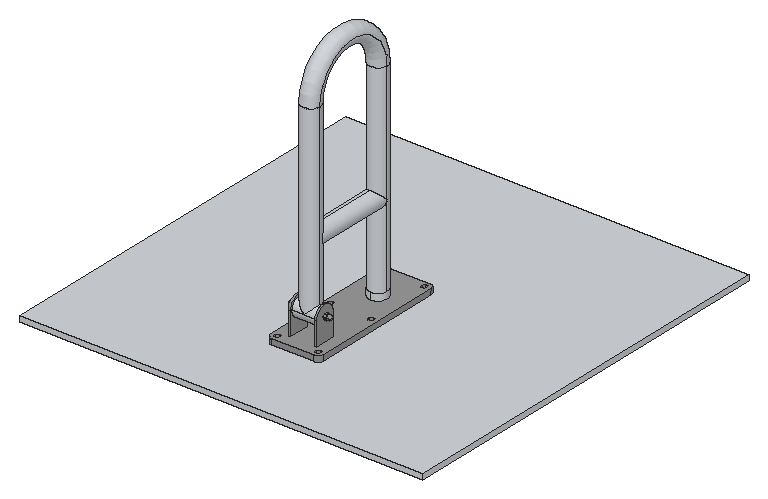
Revit family "58-BARRA DE SEGURIDAD PLEGABLE", category Equipos especializados, Revit 2018
Family settings
  Anfitrión = Cara
  Cota de conector redondo = Diámetro de uso
  Tipo de pieza = Normal
  Número OmniClass = 23.45.00.00
  Título OmniClass = Sanitary, Laundry, and Cleaning Equipment
  Corte con vacíos al cargar = No
  Compartido = No
  Punto de cálculo de habitación = No
Parameters
  Vida útil unidad = ""
  Vida útil = ""
  URL = ""
  Tráfico = "Institucional Residencial"
  Tipo de Activo = "Fijo"
  Tamaño = "571,2 x 100 x 276"
  Responsable Garantías Partes = "www.corona.com.co"
  Requerimientos Accesibilidad = "Manual"
  Presión mínima = ""
  Presión Máxima = ""
  Número Modelo = "706590001"
  Nombre del Fabricante = "Corona"
  Nombre = "Barra plegable"
  Model = ""
  Material de Fabricación = "Acero Inoxidable"
  Material Acabado = Acero Inoxidable Corona
  Logitud Nominal = 571.2
  Forma = "Rectangular"
  Fabricante = "www.corona.com.co"
  Default Elevation = 0 mm
  Duración Garantía Unidad = "Año"
  Duración Garantía Partes = "1"
  Diámetro de conexión entrada = ""
  Descripción de la garantía = "Garantía de 1 año, garantía de 3 años en acabados."
  Descripción IFC = "Barra plegable Barra de seguridad plegable en U"
  Descripción = "Fixed Furnishing"
  Código de montaje = "E2010"
  Cumplimiento de Norma = "Soporta una carga hasta de 150 kilogramos"
  Consumo de agua = ""
  Color = "Satinado"
  Caudal = ""
  Características = "Mayor durabilidad y excelentes propiedades mecánicas, fácil instalación, gran seguridad Resistente a la corrosión, diseño ecualizable optimiza el espacio"
  Ancho Nominal = 100
  Altura Nominal = 276
  Acabado = "Mate"
Reference planes
  plane 1 "Center (Front/Back)": y = 0
  plane 2: z = 0
  plane 3 "Center (Left/Right)": x = 0
  plane 4: y = 118
  plane 5: x = -30
  plane 6: x = 0
  plane 7: x = 30
  plane 8: y = 0
  plane 9: y = -118
  plane 10: y = -78
  plane 11: y = -113
  plane 12: x = 50
  plane 13: x = -50
Forms (mm)
  Extrusion 1, solid
    sketch origin (0, 0, 0) x (1, 0, 0) y (0, 1, 0)
      loop
        line (-385.853, 470) -> (-385.853, -304.449) -> (380.791, -304.449) -> (380.791, 470) -> (-385.853, 470)
    from 0 to -9.713
  Extrusion 2, solid, material "Acero Inoxidable Corona", detail levels medium+fine
    sketch origin (0, 0, 98.939) x (-1, 0, 0) y (0, -1, 0)
      loop
        arc (40, -138) -> (47.071, -135.071) -> (50, -128) r 10
        line (50, -128) -> (50, 128)
        arc (50, 128) -> (47.071, 135.071) -> (40, 138) r 10
        line (40, 138) -> (-40, 138)
        arc (-40, 138) -> (-47.071, 135.071) -> (-50, 128) r 10
        line (-50, 128) -> (-50, -128)
        arc (-50, -128) -> (-47.071, -135.071) -> (-40, -138) r 10
        line (-40, -138) -> (40, -138)
      loop
        circle (38.974, -126.902) r 5
      loop
        circle (-38.974, -126.902) r 5
      loop
        circle (38.974, 126.902) r 5
      loop
        circle (-38.974, 126.902) r 5
      loop
        circle (38.974, 0) r 5
      loop
        circle (-38.974, 0) r 5
    from -98.939 to -88.939
  Extrusion 3, solid, material "Acero Inoxidable Corona", detail levels medium+fine
    sketch origin (-25, 0, 0) x (0, 1, 0) y (0, 0, 1)
      loop
        arc (-76.5, 54) -> (-95.5, 73) -> (-114.5, 54) r 19
        line (-114.5, 54) -> (-114.5, 10) -> (-76.5, 10) -> (-76.5, 54)
      loop
        circle (-95.5, 54) r 5
    from -2.05 to 2.066
  Extrusion 4, solid, material "Acero Inoxidable Corona", detail levels medium+fine
    sketch origin (25, 0, 0) x (0, 1, 0) y (0, 0, -1)
      loop
        line (-76.5, -54) -> (-76.5, -10) -> (-114.5, -10) -> (-114.5, -54)
        arc (-114.5, -54) -> (-95.5, -73) -> (-76.5, -54) r 19
      loop
        circle (-95.5, -54) r 5
    from -2.05 to 2.066
  Revolve 5, solid, detail levels medium+fine
    sketch origin (0, 0, 54) x (0, 1, 0) y (-1, 0, 0)
      loop
        line (-78, 22.934) -> (-95.5, 22.934) -> (-95.5, -22.934) -> (-78, -22.934) -> (-78, 22.934)
      axis (-95.5, 22.934) -> (-95.5, -22.934)
    angle from 0 to 360
  Sweep 6, solid, detail levels medium+fine
    path origin (0, 0, 0) x (0, 1, 0) y (0, 0, 1)
      loop
        line (-95.5, 54) -> (-95.5, 407.525)
        arc (-95.5, 407.525) -> (-15.5, 487.525) -> (64.5, 407.525) r 80
        line (64.5, 407.525) -> (64.5, 22.525)
    profile origin (0, -95.5, 230.762) x (0, -1, 0) y (1, 0, 0)
      loop
        circle (0, 0) r 17.381
  Revolve 7, solid, detail levels medium+fine
    sketch origin (0, 0, 0) x (0, 1, 0) y (0, 0, 1)
      loop
        line (64.5, 196) -> (-95.5, 196) -> (-95.5, 178.5) -> (64.5, 178.5) -> (64.5, 196)
      axis (64.5, 178.5) -> (-95.5, 178.5)
    angle from 0 to 360
  Revolve 8, solid, material "Acero Inoxidable Corona", detail levels medium+fine
    sketch origin (0, 0, 54) x (0, 1, 0) y (-1, 0, 0)
      loop
        spline (-91.141, 32.851) -> (-91.175, 34.021) -> (-91.269, 35.089) -> (-91.423, 36.055) -> (-91.636, 36.92) -> (-91.91, 37.683) -> (-92.243, 38.344) -> (-92.636, 38.904) -> (-93.089, 39.362) -> (-93.602, 39.718) -> (-94.175, 39.972) -> (-94.808, 40.125) -> (-95.5, 40.175)
        line (-95.5, 40.175) -> (-95.5, 27.05) -> (-91.141, 27.05) -> (-91.141, 32.851)
      axis (-95.5, 40.175) -> (-95.5, 27.05)
    angle from 0 to 360
  Extrusion 9, solid, material "Acero Inoxidable Corona", detail levels medium
    sketch origin (-27.05, 0, 0) x (0, 1, 0) y (0, 0, 1)
      loop
        line (-98.327, 49.104) -> (-92.673, 49.104) -> (-89.847, 54) -> (-92.673, 58.896) -> (-98.327, 58.896) -> (-101.153, 54) -> (-98.327, 49.104)
    from 0 to -5.801
  Extrusion 10, solid, material "Acero Inoxidable Corona", detail levels medium+fine
    sketch origin (27.05, 0, 0) x (0, 1, 0) y (0, 0, -1)
      loop
        line (-98.327, -49.104) -> (-101.153, -54) -> (-98.327, -58.896) -> (-92.673, -58.896) -> (-89.847, -54) -> (-92.673, -49.104) -> (-98.327, -49.104)
    from 0 to -5.801
  Revolve 11, solid, material "Acero Inoxidable Corona", detail levels medium+fine
    sketch origin (0, 0, 54) x (0, 1, 0) y (1, 0, 0)
      loop
        spline (-91.141, 32.851) -> (-91.175, 34.021) -> (-91.269, 35.089) -> (-91.423, 36.055) -> (-91.636, 36.92) -> (-91.91, 37.683) -> (-92.243, 38.344) -> (-92.636, 38.904) -> (-93.089, 39.362) -> (-93.602, 39.718) -> (-94.175, 39.972) -> (-94.808, 40.125) -> (-95.5, 40.175)
        line (-95.5, 40.175) -> (-95.5, 27.05) -> (-91.141, 27.05) -> (-91.141, 32.851)
      axis (-95.5, 40.175) -> (-95.5, 27.05)
    angle from 0 to 360
  Revolve 12, solid, detail levels medium+fine
    sketch origin (0, 0, 0) x (0, 1, 0) y (0, 0, 1)
      loop
        line (64.5, 22.525) -> (47.126, 22.525) -> (47.126, 10) -> (64.5, 10) -> (64.5, 22.525)
      axis (64.5, 22.525) -> (64.5, 10)
    angle from 0 to 360
  Extrusion 13, solid, material "Vidrio", detail levels coarse
    sketch origin (0, 0, 0) x (0, 1, 0) y (0, 0, 1)
      loop
        line (138, 504.979) -> (-138, 504.979) -> (-138, 0) -> (138, 0) -> (138, 504.979)
    from -50 to 50
Lines and regions (mm)
  symbolic lines, detail levels medium+fine
    curve 1: line (0, 138, 10) -> (0, -138, 10)
    curve 2: line (0, -114.5, 54) -> (0, -114.5, 10)
    curve 3: arc (0, -76.5, 54) -> (0, -95.5, 73) -> (0, -114.5, 54) r 19
    curve 4: line (0, -76.5, 10) -> (0, -76.5, 54)
    curve 5: line (0, -92.673, 49.104) -> (0, -89.847, 54)
    curve 6: line (0, -98.327, 49.104) -> (0, -92.673, 49.104)
    curve 7: line (0, -101.153, 54) -> (0, -98.327, 49.104)
    curve 8: line (0, -98.327, 58.896) -> (0, -101.153, 54)
    curve 9: line (0, -92.673, 58.896) -> (0, -98.327, 58.896)
    curve 10: line (0, -89.847, 54) -> (0, -92.673, 58.896)
    curve 11: arc (0, -91.141, 54) -> (0, -95.5, 49.641) -> (0, -99.859, 54) r 4.359
    curve 12: arc (0, -99.859, 54) -> (0, -95.5, 58.359) -> (0, -91.141, 54) r 4.359
    curve 13: line (0, -112.881, 61.675) -> (0, -112.881, 410.105)
    curve 14: arc (0, -112.881, 410.105) -> (0, -85.093, 477.191) -> (0, -18.006, 504.979) r 94.874
    curve 15: arc (0, -18.006, 504.979) -> (0, 51.842, 476.591) -> (0, 82.082, 407.525) r 100.124
    curve 16: line (0, 81.874, 10) -> (0, 81.874, 407.807)
    curve 17: line (0, 47.126, 10) -> (0, 47.126, 161)
    curve 18: arc (0, 47.126, 161) -> (0, 64.626, 178.5) -> (0, 47.126, 196) r 17.5
    curve 19: line (0, 47.126, 196) -> (0, 47.126, 407.525)
    curve 20: arc (0, 47.126, 407.525) -> (0, -15.374, 470.025) -> (0, -77.874, 407.525) r 62.5
    curve 21: line (0, -77.874, 407.525) -> (0, -77.874, 196.115)
    curve 22: arc (0, -77.874, 196.115) -> (0, -95.374, 178.615) -> (0, -77.874, 161.115) r 17.5
    curve 23: line (0, -77.874, 161.115) -> (0, -77.874, 61.093)
    curve 24: line (0, 81.874, 22.525) -> (0, 47.126, 22.525)
    curve 25: line (0, 138, 10) -> (0, 138, 0)
    curve 26: line (0, -138, 10) -> (0, -138, 0)
    curve 31: line (-50, 0, 10) -> (50, 0, 10)
    curve 32: line (-50, 0, 0) -> (-50, 0, 10)
    curve 33: line (50, 0, 0) -> (-50, 0, 0)
    curve 34: line (50, 0, 10) -> (50, 0, 0)
    curve 35: line (-27.05, 0, 73) -> (-22.934, 0, 73)
    curve 36: line (-27.05, 0, 10) -> (-27.05, 0, 73)
    curve 37: line (-22.934, 0, 73) -> (-22.934, 0, 10)
    curve 38: line (22.934, 0, 73) -> (27.05, 0, 73)
    curve 39: line (22.934, 0, 10) -> (22.934, 0, 73)
    curve 40: line (27.05, 0, 73) -> (27.05, 0, 10)
    curve 41: line (22.934, 0, 71.46) -> (-22.934, 0, 71.46)
    curve 42: line (-22.934, 0, 36.711) -> (22.934, 0, 36.711)
    curve 43: line (-27.05, 0, 58.896) -> (-32.851, 0, 58.896)
    curve 44: line (-32.851, 0, 54) -> (-27.05, 0, 54)
    curve 45: line (-32.851, 0, 49.104) -> (-27.05, 0, 49.104)
    curve 46: line (-32.851, 0, 58.896) -> (-32.851, 0, 49.104)
    curve 47: line (-32.851, 0, 58.254) -> (-40.028, 0, 54.21)
    curve 48: line (-40.028, 0, 54.21) -> (-32.851, 0, 49.821)
    curve 49: line (32.851, 0, 58.896) -> (27.05, 0, 58.896)
    curve 50: line (27.05, 0, 54) -> (32.851, 0, 54)
    curve 51: line (27.05, 0, 49.104) -> (32.851, 0, 49.104)
    curve 52: line (32.851, 0, 49.104) -> (32.851, 0, 58.896)
    curve 53: line (32.851, 0, 58.307) -> (40.053, 0, 54.266)
    curve 54: line (40.053, 0, 54.266) -> (32.851, 0, 49.702)
    curve 55: line (17.381, 0, 54) -> (-17.619, 0, 54)
    curve 56: line (17.381, 0, 54) -> (17.381, 0, 487.206)
    curve 57: arc (17.381, 0, 487.206) -> (-0.119, 0, 504.706) -> (-17.619, 0, 487.206) r 17.5
    curve 58: line (-17.619, 0, 487.206) -> (-17.619, 0, 54)
    curve 63: line (-40, -138, 54) -> (40, -138, 54)
    curve 64: arc (40, -138, 54) -> (47.071, -135.071, 54) -> (50, -128, 54) r 10
    curve 65: line (50, -128, 54) -> (50, 128, 54)
    curve 66: arc (50, 128, 54) -> (47.071, 135.071, 54) -> (40, 138, 54) r 10
    curve 67: line (40, 138, 54) -> (-40, 138, 54)
    curve 68: arc (-40, 138, 54) -> (-47.071, 135.071, 54) -> (-50, 128, 54) r 10
    curve 69: line (-50, 128, 54) -> (-50, -128, 54)
    curve 70: arc (-50, -128, 54) -> (-47.071, -135.071, 54) -> (-40, -138, 54) r 10
    curve 71: arc (-33.974, -126.902, 54) -> (-38.974, -131.902, 54) -> (-43.974, -126.902, 54) r 5
    curve 72: arc (-43.974, -126.902, 54) -> (-38.974, -121.902, 54) -> (-33.974, -126.902, 54) r 5
    curve 73: arc (43.974, -126.902, 54) -> (38.974, -131.902, 54) -> (33.974, -126.902, 54) r 5
    curve 74: arc (33.974, -126.902, 54) -> (38.974, -121.902, 54) -> (43.974, -126.902, 54) r 5
    curve 75: arc (43.974, 0, 54) -> (38.974, -5, 54) -> (33.974, 0, 54) r 5
    curve 76: arc (33.974, 0, 54) -> (38.974, 5, 54) -> (43.974, 0, 54) r 5
    curve 77: arc (43.974, 126.902, 54) -> (38.974, 121.902, 54) -> (33.974, 126.902, 54) r 5
    curve 78: arc (33.974, 126.902, 54) -> (38.974, 131.902, 54) -> (43.974, 126.902, 54) r 5
    curve 79: arc (-33.974, 126.902, 54) -> (-38.974, 121.902, 54) -> (-43.974, 126.902, 54) r 5
    curve 80: arc (-43.974, 126.902, 54) -> (-38.974, 131.902, 54) -> (-33.974, 126.902, 54) r 5
    curve 81: arc (-33.974, 0, 54) -> (-38.974, -5, 54) -> (-43.974, 0, 54) r 5
    curve 82: arc (-43.974, 0, 54) -> (-38.974, 5, 54) -> (-33.974, 0, 54) r 5
    curve 83: line (-32.851, -101.153, 54) -> (-27.05, -101.153, 54)
    curve 84: line (-32.851, -98.327, 54) -> (-27.05, -98.327, 54)
    curve 85: line (-32.851, -92.673, 54) -> (-27.05, -92.673, 54)
    curve 86: line (-32.851, -89.847, 54) -> (-27.05, -89.847, 54)
    curve 87: line (-32.851, -89.847, 54) -> (-32.851, -101.153, 54)
    curve 88: line (-27.05, -76.5, 54) -> (-27.05, -114.5, 54)
    curve 89: line (-27.05, -114.5, 54) -> (-22.934, -114.5, 54)
    curve 90: line (-22.934, -114.5, 54) -> (-22.934, -76.5, 54)
    curve 91: line (-22.934, -76.5, 54) -> (-27.05, -76.5, 54)
    curve 92: line (22.934, -114.5, 54) -> (27.05, -114.5, 54)
    curve 93: line (27.05, -114.5, 54) -> (27.05, -76.5, 54)
    curve 94: line (22.934, -76.5, 54) -> (22.934, -114.5, 54)
    curve 95: line (27.05, -76.5, 54) -> (22.934, -76.5, 54)
    curve 96: line (27.05, -89.847, 54) -> (32.851, -89.847, 54)
    curve 97: line (27.05, -92.673, 54) -> (32.851, -92.673, 54)
    curve 98: line (27.05, -98.327, 54) -> (32.851, -98.327, 54)
    curve 99: line (27.05, -101.153, 54) -> (32.851, -101.153, 54)
    curve 100: line (32.851, -101.153, 54) -> (32.851, -89.847, 54)
    curve 101: line (32.851, -91.072, 54) -> (40.144, -95.578, 54)
    curve 102: line (40.144, -95.578, 54) -> (32.851, -99.808, 54)
    curve 103: line (-32.851, -91.129, 54) -> (-40.231, -95.464, 54)
    curve 104: line (-40.231, -95.464, 54) -> (-32.851, -99.694, 54)
    curve 105: arc (-17.381, -95.5, 54) -> (0, -112.881, 54) -> (17.381, -95.5, 54) r 17.381
    curve 106: line (17.381, -95.5, 54) -> (17.381, 64.5, 54)
    curve 107: arc (17.381, 64.5, 54) -> (-0.06, 81.94, 54) -> (-17.5, 64.5, 54) r 17.44
    curve 108: line (-17.5, 64.5, 54) -> (-17.5, -95.5, 54)
    curve 113: line (-22.934, -112.944, 54) -> (22.934, -112.944, 54)
    curve 114: line (-22.934, -77.972, 54) -> (-17.5, -77.972, 54)
    curve 115: line (17.381, -77.958, 54) -> (22.934, -77.958, 54)
    curve 117: line (0, 47.126, 161) -> (0, -77.874, 161)
  symbolic lines, detail levels coarse
    curve 27: line (0, 138, 504.979) -> (0, -138, 504.979)
    curve 28: line (0, 138, 0) -> (0, 138, 504.979)
    curve 29: line (0, -138, 0) -> (0, 138, 0)
    curve 30: line (0, -138, 504.979) -> (0, -138, 0)
    curve 59: line (-50, 0, 504.706) -> (50, 0, 504.706)
    curve 60: line (-50, 0, 0) -> (-50, 0, 504.706)
    curve 61: line (50, 0, 0) -> (-50, 0, 0)
    curve 62: line (50, 0, 504.706) -> (50, 0, 0)
    curve 109: line (-50, 138, 54) -> (50, 138, 54)
    curve 110: line (-50, -138, 54) -> (-50, 138, 54)
    curve 111: line (50, -138, 54) -> (-50, -138, 54)
    curve 112: line (50, 138, 54) -> (50, -138, 54)
  symbolic lines, detail levels medium
    curve 116: line (0, 47.126, 196) -> (0, -77.874, 196)
Dimensions and locks
  aligned and locked: plane 2 to Extrusion 1
  aligned and locked: level to Extrusion 1
